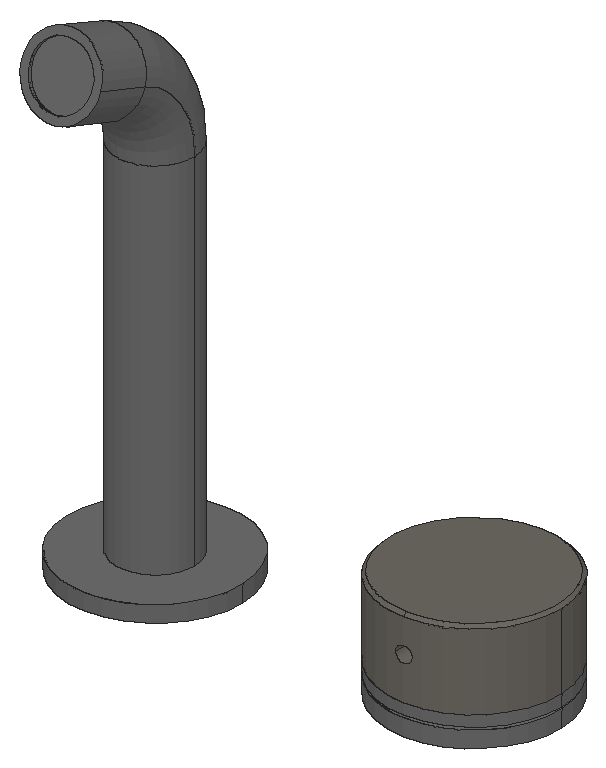
Revit family "CAEL0028DW6A ELVIRE PROGRESSIVE WALL BSN MXR - GUNMETAL + DARK WOOD HANDLE", category Plumbing Fixtures, host Face, Revit 2016
Family settings
  Host = Face
  Part Type = Normal
  Round Connector Dimension = Use Radius
  OmniClass Number = 23.45.55.14
  OmniClass Title = Single Faucets
  Cut with Voids When Loaded = No
  Shared = No
  Room Calculation Point = No
Parameters (values of type "ELVIRE PROGRESSIVE WALL BSN MXR - GUNMETAL + DARK WOOD HANDLE")
  Waste Connection = no
  WELSRating_ANZRS = "WELS 6 Star Rated"
  Vent Connection = no
  URL = "https://www.caroma.com.au/"
  Model = "CAEL0028DW6A"
  Material_Handle = GWA-Wood-Dark
  Material_Base = GWA-Metal-Gunmetal Grey
  Manufacturer = "GWA Bathrooms & Kitchens"  # constant formula
  HW Connection = yes
  Description = "ELVIRE PROGRESSIVE WALL BSN MXR - GUNMETAL + DARK WOOD HANDLE"
  Default Elevation = 900 mm
  CreatedBy_ANZRS = "GWA Bathrooms & Kitchens"  # constant formula
  CW Connection = yes
  Assembly Code = "C1030220"
Reference planes
  plane 1 "Center (Front/Back)": y = 0
  plane 2: z = 0
  plane 3 "Center (Left/Right)": x = 0
  plane 4 "Spout": x = -50
  plane 5 "Handle": x = 50
  plane 6 "SpoutEnd": through (0, -32.425, 166.046) normal (0, 0.9397, -0.342)
Forms (mm)
  Extrusion 1, solid, material "GWA-Metal-Gunmetal Grey" <- "Material_Base"
    sketch origin (0, 0, 0) x (1, 0, 0) y (0, 1, 0)
      loop
        circle (-50, 0) r 27.5
    from 0 to 5.2
  Extrusion 2, solid, material "GWA-Metal-Gunmetal Grey" <- "Material_Base"
    sketch origin (0, 0, 0) x (1, 0, 0) y (0, 1, 0)
      loop
        circle (50, 0) r 27.5
    from 0 to 5.2
  Sweep 3, solid, material "GWA-Metal-Gunmetal Grey" <- "Material_Base"
    path origin (-50, 0, 0) x (0, 1, 0) y (0, 0, 1)
      loop
        line (0, 5.2) -> (0, 119.936)
        arc (0, 119.936) -> (-5.425, 137.143) -> (-19.739, 148.127) r 30
        line (-19.739, 148.127) -> (-36.7, 154.3)
    profile origin (-50, 0, 62.568) x (0, -1, 0) y (1, 0, 0)
      loop
        circle (0, 0) r 12.5
  Extrusion 4, void
    sketch origin (0, -81.998, 29.845) x (0, 0.34202, 0.939693) y (1, 0, 0)
      loop
        circle (132.442, -50) r 10
    from -1 to 1
  Extrusion 5, solid, material "GWA-Metal-Gunmetal Grey" <- "Material_Base"
    sketch origin (0, 0, 0) x (1, 0, 0) y (0, 1, 0)
      loop
        circle (50, 0) r 27.5
    from 6 to 9.5
  Extrusion 6, solid, material "GWA-Wood-Dark" <- "Material_Handle"
    sketch origin (0, 0, 0) x (1, 0, 0) y (0, 1, 0)
      loop
        circle (50, 0) r 27.5
    from 9.5 to 34.5
  Extrusion 7, void
    sketch origin (0, 0, -2.6) x (1, 0, 0) y (0, 0, 1)
      loop
        circle (50, 25.6) r 2.6
    from 10 to 30
  Revolve 8, void
    sketch origin (50, 0, 0) x (0, 1, 0) y (0, 0, 1)
      loop
        line (27.5, 33.5) -> (28.5, 33.5) -> (28.5, 35.5) -> (26.5, 35.5) -> (26.5, 34.5) -> (27.5, 33.5)
      axis (0, 33.5) -> (0, 35.5)
    angle from 0 to 360
Cuts and joins
  Extrusion 4 cuts Sweep 3
  Extrusion 7, Revolve 8 cuts Extrusion 6
Lines and regions (mm)
  Masking region 1
    outline origin (0, 0, 0) x (1, 0, 0) y (0, 1, 0)
      loop
        circle (50, 0) r 27.5
  Masking region 2
    outline origin (0, 0, 0) x (1, 0, 0) y (0, 1, 0)
      loop
        arc (-37.5, -24.495) -> (-50, 27.5) -> (-62.5, -24.495) r 27.5
        line (-62.5, -24.495) -> (-62.5, -36.7)
        spline (-62.5, -36.7) -> (-62.074, -37.807) -> (-60.825, -38.838) -> (-58.839, -39.723) -> (-56.25, -40.402) -> (-53.235, -40.83) -> (-50, -40.975) -> (-46.765, -40.83) -> (-43.75, -40.402) -> (-41.161, -39.723) -> (-39.175, -38.838) -> (-37.926, -37.807) -> (-37.5, -36.7)
        line (-37.5, -36.7) -> (-37.5, -24.495)
  Masking region 3
    outline origin (0, 0, 0) x (0, 1, 0) y (0, 0, 1)
      loop
        line (-12.5, 34.5) -> (-26.5, 34.5) -> (-27.5, 33.5) -> (-27.5, 6) -> (27.5, 6) -> (27.5, 33.5) -> (26.5, 34.5) -> (12.5, 34.5) -> (12.5, 119.936)
        arc (12.5, 119.936) -> (4.814, 144.313) -> (-15.464, 159.873) r 42.5
        line (-15.464, 159.873) -> (-32.425, 166.046) -> (-40.975, 142.554) -> (-24.015, 136.381)
        arc (-24.015, 136.381) -> (-15.665, 129.974) -> (-12.5, 119.936) r 17.5
        line (-12.5, 119.936) -> (-12.5, 34.5)
  Masking region 4
    outline origin (0, 0, 0) x (0, 1, 0) y (0, 0, 1)
      loop
        line (-27.5, 5.2) -> (-27.5, 0) -> (27.5, 0) -> (27.5, 5.2) -> (-27.5, 5.2)
  Masking region 5
    outline origin (0, 0, 0) x (1, 0, 0) y (0, 0, 1)
      loop
        line (-62.5, 5.2) -> (-77.5, 5.2) -> (-77.5, 0) -> (-22.5, 0) -> (-22.5, 5.2) -> (-37.5, 5.2) -> (-37.5, 154.3)
        spline (-37.5, 154.3) -> (-37.926, 157.34) -> (-39.175, 160.173) -> (-41.161, 162.606) -> (-43.75, 164.472) -> (-46.765, 165.646) -> (-50, 166.046) -> (-53.235, 165.646) -> (-56.25, 164.472) -> (-58.839, 162.606) -> (-60.825, 160.173) -> (-62.074, 157.34) -> (-62.5, 154.3)
        line (-62.5, 154.3) -> (-62.5, 5.2)
  Masking region 6
    outline origin (0, 0, 0) x (1, 0, 0) y (0, 0, 1)
      loop
        line (76.5, 34.5) -> (23.5, 34.5) -> (22.5, 33.5) -> (22.5, 6) -> (77.5, 6) -> (77.5, 33.5) -> (76.5, 34.5)
  Masking region 7
    outline origin (0, 0, 0) x (1, 0, 0) y (0, 0, 1)
      loop
        line (77.5, 0) -> (77.5, 5.2) -> (22.5, 5.2) -> (22.5, 0) -> (77.5, 0)
  symbolic lines
    curve 1: circle (50, 0, 0) r 27.5 normal (0, 0, 1)
    curve 2: circle (50, 0, 0) r 26.5 normal (0, 0, 1)
    curve 3: arc (-37.5, -24.495, 0) -> (-50, 27.5, 0) -> (-62.5, -24.495, 0) r 27.5
    curve 4: arc (-62.5, 0, 0) -> (-50, 12.5, 0) -> (-37.5, 0, 0) r 12.5
    curve 5: spline (-37.5, -36.7, 0) -> (-37.926, -35.593, 0) -> (-39.175, -34.562, 0) -> (-41.161, -33.677, 0) -> (-43.75, -32.998, 0) -> (-46.765, -32.57, 0) -> (-50, -32.425, 0) -> (-53.235, -32.57, 0) -> (-56.25, -32.998, 0) -> (-58.839, -33.677, 0) -> (-60.825, -34.562, 0) -> (-62.074, -35.593, 0) -> (-62.5, -36.7, 0)
    curve 6: spline (-62.5, -36.7, 0) -> (-62.074, -37.807, 0) -> (-60.825, -38.838, 0) -> (-58.839, -39.723, 0) -> (-56.25, -40.402, 0) -> (-53.235, -40.83, 0) -> (-50, -40.975, 0) -> (-46.765, -40.83, 0) -> (-43.75, -40.402, 0) -> (-41.161, -39.723, 0) -> (-39.175, -38.838, 0) -> (-37.926, -37.807, 0) -> (-37.5, -36.7, 0)
    curve 7: spline (-50, -33.28, 0) -> (-47.412, -33.396, 0) -> (-45, -33.738, 0) -> (-42.929, -34.282, 0) -> (-41.34, -34.99, 0) -> (-40.341, -35.815, 0) -> (-40, -36.7, 0) -> (-40.341, -37.585, 0) -> (-41.34, -38.41, 0) -> (-42.929, -39.118, 0) -> (-45, -39.662, 0) -> (-47.412, -40.004, 0) -> (-50, -40.12, 0)
    curve 8: spline (-50, -40.12, 0) -> (-52.588, -40.004, 0) -> (-55, -39.662, 0) -> (-57.071, -39.118, 0) -> (-58.66, -38.41, 0) -> (-59.659, -37.585, 0) -> (-60, -36.7, 0) -> (-59.659, -35.815, 0) -> (-58.66, -34.99, 0) -> (-57.071, -34.282, 0) -> (-55, -33.738, 0) -> (-52.588, -33.396, 0) -> (-50, -33.28, 0)
    curve 9: spline (-59.905, -36.23, 0) -> (-59.299, -37.018, 0) -> (-58.165, -37.735, 0) -> (-56.567, -38.34, 0) -> (-54.597, -38.798, 0) -> (-52.366, -39.083, 0) -> (-50, -39.181, 0) -> (-47.634, -39.083, 0) -> (-45.403, -38.798, 0) -> (-43.433, -38.34, 0) -> (-41.835, -37.735, 0) -> (-40.701, -37.018, 0) -> (-40.095, -36.23, 0)
    curve 10: line (-62.5, -36.7, 0) -> (-62.5, 0, 0)
    curve 11: line (-37.5, 0, 0) -> (-37.5, -36.7, 0)
    curve 12: line (0, -32.425, 166.046) -> (0, -40.975, 142.554)
    curve 13: line (0, 12.5, 34.5) -> (0, 12.5, 119.936)
    curve 14: line (0, -12.5, 34.5) -> (0, -12.5, 119.936)
    curve 15: line (0, -32.425, 166.046) -> (0, -15.464, 159.873)
    curve 16: line (0, -40.975, 142.554) -> (0, -24.015, 136.381)
    curve 17: arc (0, -24.015, 136.381) -> (0, -15.665, 129.974) -> (0, -12.5, 119.936) r 17.5
    curve 18: arc (0, -15.464, 159.873) -> (0, 4.814, 144.313) -> (0, 12.5, 119.936) r 42.5
    curve 19: line (0, -26.5, 34.5) -> (0, 26.5, 34.5)
    curve 20: line (0, 26.5, 34.5) -> (0, 27.5, 33.5)
    curve 21: line (0, 27.5, 33.5) -> (0, 27.5, 6)
    curve 22: line (0, 27.5, 6) -> (0, -27.5, 6)
    curve 23: line (0, -27.5, 6) -> (0, -27.5, 33.5)
    curve 24: line (0, -27.5, 33.5) -> (0, -26.5, 34.5)
    curve 25: line (0, -27.5, 33.5) -> (0, 27.5, 33.5)
    curve 26: line (0, -27.5, 9.5) -> (0, 27.5, 9.5)
    curve 27: line (0, -27.5, 5.2) -> (0, 27.5, 5.2)
    curve 28: line (0, 27.5, 5.2) -> (0, 27.5, 0)
    curve 29: line (0, 27.5, 0) -> (0, -27.5, 0)
    curve 30: line (0, -27.5, 0) -> (0, -27.5, 5.2)
    curve 31: spline (-37.5, 0, 154.3) -> (-37.926, 0, 157.34) -> (-39.175, 0, 160.173) -> (-41.161, 0, 162.606) -> (-43.75, 0, 164.472) -> (-46.765, 0, 165.646) -> (-50, 0, 166.046) -> (-53.235, 0, 165.646) -> (-56.25, 0, 164.472) -> (-58.839, 0, 162.606) -> (-60.825, 0, 160.173) -> (-62.074, 0, 157.34) -> (-62.5, 0, 154.3)
    curve 32: line (76.5, 0, 34.5) -> (23.5, 0, 34.5)
    curve 33: line (23.5, 0, 34.5) -> (22.5, 0, 33.5)
    curve 34: line (22.5, 0, 33.5) -> (22.5, 0, 6)
    curve 35: line (22.5, 0, 6) -> (77.5, 0, 6)
    curve 36: line (77.5, 0, 6) -> (77.5, 0, 33.5)
    curve 37: line (77.5, 0, 33.5) -> (76.5, 0, 34.5)
    curve 38: line (77.5, 0, 33.5) -> (22.5, 0, 33.5)
    curve 39: line (77.5, 0, 9.5) -> (22.5, 0, 9.5)
    curve 40: line (77.5, 0, 5.2) -> (22.5, 0, 5.2)
    curve 41: line (22.5, 0, 5.2) -> (22.5, 0, 0)
    curve 42: line (22.5, 0, 0) -> (77.5, 0, 0)
    curve 43: line (77.5, 0, 0) -> (77.5, 0, 5.2)
    curve 44: line (-22.5, 0, 5.2) -> (-77.5, 0, 5.2)
    curve 45: line (-77.5, 0, 5.2) -> (-77.5, 0, 0)
    curve 46: line (-77.5, 0, 0) -> (-22.5, 0, 0)
    curve 47: line (-22.5, 0, 0) -> (-22.5, 0, 5.2)
    curve 48: line (-37.5, 0, 154.3) -> (-37.5, 0, 5.2)
    curve 49: line (-62.5, 0, 154.3) -> (-62.5, 0, 5.2)
Dimensions and locks
  aligned and locked: plane 2 to host face
  aligned and locked: level to host face
Connectors
  piping at (40, 0, 0), diameter 20
    settings: index 1, connector inside diameter 609.6 mm, connector length 0 mm, flow factor 0, pipe flow 0.0 L/s, pressure drop 0.0 Pa, fitting loss kfactor 0, connector angle 0.00°, fixture units 0, engagement length 0 mm, angle of deflection 0.00°, flow configuration 3, flow direction 1, fitting loss method 0, system type 19, joint type 0, gender type 0, connector reference index -1, connector utility 0, adjustable connector no, is connector primary yes, connector description ""
  piping at (60, 0, 0), diameter 20
    settings: index 2, connector inside diameter 609.6 mm, connector length 0 mm, flow factor 0, pipe flow 0.0 L/s, pressure drop 0.0 Pa, fitting loss kfactor 0, connector angle 0.00°, fixture units 0, engagement length 0 mm, angle of deflection 0.00°, flow configuration 3, flow direction 1, fitting loss method 0, system type 20, joint type 0, gender type 0, connector reference index -1, connector utility 0, adjustable connector no, is connector primary no, connector description ""
